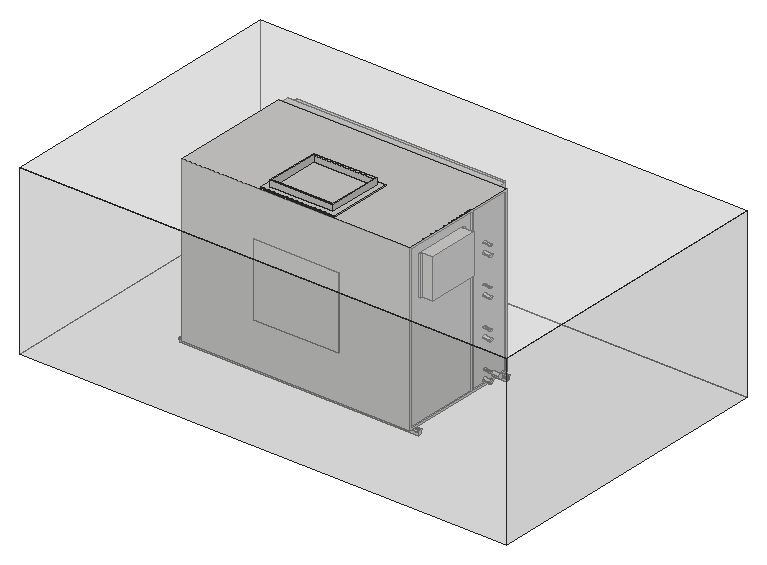
Revit family "outputfile", category 機械設備, Revit 2024
Family settings
  丸型コネクタ寸法 = 半径を使用
  パーツ タイプ = 標準
  OmniClass 番号 = 23.75.10.24.21.27.27
  OmniClass タイトル = Split System Air Conditioning Units
  作業面ベース = いいえ
  常に垂直 = はい
  ロード時にボイドで切り取り = いいえ
  注釈の向きを維持 = いいえ
  共有 = いいえ
  部屋計算ポイント = はい
Parameters (values of type "4FGN400HYL")
  Description = ""
  書き出し IFC クラス(タイプ) = "IfcUnitaryEquipmentType"
  定義済み IFC タイプ(タイプ) = "AIRCONDITIONINGUNIT"
  Cost = 0
  Type Comments = ""
  Keynote = ""
  Type Image = (empty or 0)
  Assembly Code = ""
  switch_frequency = yes
  lw_power = 1050.5 mm
  lw_frontpanel = 754 mm
  lw_box_front = 991 mm
  lw_box = 117 mm
  lw_SA = 0 mm
  lw_RA = 981 mm
  lw_Pipe = if([400-500], 20 mm, 0 mm)  # 20 mm
  lh_liquidpipe_4 = 152 mm
  lh_liquidpipe_3 = 488 mm
  lh_liquidpipe_2 = 824 mm
  lh_height_SA = 482 mm
  lh_ld_mountinghole_height = 35 mm
  lh_height_RA = 1326 mm
  lh_hangerfixture = 35 mm
  lh_gaspipe_4 = 72 mm
  lh_gaspipe_3 = 408 mm
  lh_gaspipe_2 = 744 mm
  lh_frontpanel_bottom = 429 mm
  lh_frontpanel = 642 mm
  lh_box_top = 95 mm
  lh_box = 351 mm
  lh_SA = 1546 mm
  lh_RA = 788 mm
  ld_void = 680 mm
  ld_frontpanel = 0 mm
  ld_depth_SA = 301 mm
  ld_depth_RA = 130 mm
  ld_box_left = 114 mm
  ld_box = 490 mm
  frontpanel_right = 377 mm
  connector_voltage = Voltage_60Hz  # 380 V
  connector_powerinput = [Power Input (Cooling)]  # 41.580 kW
  connector_phase = Phase_60Hz  # 3
  製造元 = "Daikin"
  モデル = "4FGN400HYL"
  w_pipe = 33 mm
  r_Liquid Pipe Size = Liquid Pipe Size / 2  # 6.35 mm
  r_Gas Pipe Size = Gas Pipe Size / 2  # 12.7 mm
  r_Drain Pipe Size = Drain Pipe Size / 2  # 17.0 mm
  lw_powersupply = lw_power  # 1050.5 mm
  lw_width_RA = 1852 mm
  lw_width_SA = 560 mm
  lh_suctionflange [instance] = 100 mm
  ld_suctionflange [instance] = 190 mm
  ld_powersupply = 359 mm
  Voltage_comment_60Hz = "380"
  Voltage_60Hz = 380 V
  URL = ""
  Sound Power Level_H speed (dB) = 0
  Phase_60Hz = 3
  Minimum External Static Pressure = 0.00 Pa
  Minimum Circuit Amps_60Hz = 0.0 A
  Maximum Fuse Amps_60Hz = 0.0 A
  Maximum External Static Pressure = 250.00 Pa
  Material_Casing = DAIKIN_GalvanizedSteel_Casing_indoorunit
  lw_liquidpipe = 1061 mm
  lw_gaspipe = 1061 mm
  lw_mountinghole_pitch = 2082 mm
  lw_mountinghole = 2122 mm
  lw_drainpipe = 1061 mm
  lh_powersupply = 1040 mm
  lh_liquidpipe = 1160 mm
  lh_gaspipe = 1080 mm
  lh_mountinghole = 5 mm
  lh_drainpipe = 73 mm
  lh_antena = Height - lh_mountinghole + 1 mm  # 1482 mm
  ld_liquidpipe = 302.5 mm
  ld_gaspipe = 302.5 mm
  ld_mountinghole_pitch = 973 mm
  ld_drainpipe = 405.5 mm
  ld_controlbox = 626 mm
  h*** = 0 mm  # constant formula
  d_dischargeflange = 60 mm
  Width = 2022 mm
  Version = "ver.1.0"
  Unit Type = "Duct"
  Unit Mass Weight = 488.00 kg
  Unit Designation [instance] = ""
  Uniclass2015Version = "Products v1.30"
  Uniclass2015Title = "Split coil room air conditioning units"
  Uniclass2015Code = "Pr_70_65_03_86"
  Total Cooling Capacity [instance] = 0.000 kW
  Sound Pressure Level_M speed (dBA) = 0
  Sound Pressure Level_L speed (dBA) = 0
  Sound Pressure Level_H speed (dBA) = 66
  Series = "Package Aircon_Fan Coil Unit"
  Sensible Cooling Capacity [instance] = 0.000 kW
  SA Duct Size Width = 560 mm
  SA Duct Size Height = 482 mm
  Refrigerant Type = "R410A"
  RA Duct Size Width = 1852 mm
  RA Duct Size Height = 1326 mm
  Power Input (Cooling) = 41.580 kW
  Option Accessory 3 [instance] = ""
  Option Accessory 2 [instance] = ""
  Option Accessory 1 [instance] = ""
  Nominal Cooling Capacity = 117.233 kW
  Minimum Airflow = 0.00 m³/h
  Median Airflow = 0.00 m³/h
  Maximum Airflow = 20388.00 m³/h
  Load Classification = HVAC
  Liquid Pipe Size = 12.7 mm
  Link_Nested Family [instance] = ""
  IfcVersion = ""
  IfcExportType = "AIRCONDITIONINGUNIT"
  IfcExportAs = "IfcUnitaryEquipmentType"
  Height = 1486 mm
  Heat Exchanger Type = "Cross Fin Coil"
  Gas Pipe Size = 25.4 mm
  Frequency_60Hz = 60 Hz
  Fan Type = "Sirocco Fan"
  Fan Drive = "-"
  FCU Tag No. [instance] = ""
  Drain Pipe Size = 34.0 mm
  Design Supply Airflow [instance] = 0.00 m³/h
  Design Return Airflow [instance] = 0.00 m³/h
  Design External Static Pressure [instance] = 0.00 Pa
  Depth = 1069 mm
  既定の高さ = 0 mm
  Cooling Entering Wet Bulb Temperature [instance] = 0.00 °C
  Cooling Entering Dry Bulb Temperature [instance] = 0.00 °C
  Cooling Ambient Wet Bulb Temperature [instance] = 0.00 °C
  Cooling Ambient Dry Bulb Temperature [instance] = 0.00 °C
  Clearance visibility [instance] = yes
  Clearance Top = 0 mm
  Clearance Right = 1500 mm
  Clearance Rear = 800 mm
  Clearance Left = 800 mm
  Clearance Front = 800 mm
  Clearance Bottom = 0 mm
  600 = no
  400-500 = yes
Reference planes
  plane 1 "Center (Front/Back)": y = 0
  plane 2: z = 0
  plane 3 "Center (Left/Right)": x = 0
  plane 4 "Back": y = 534.5
  plane 5 "Front": y = -534.5
  plane 6 "Left": x = -1011
  plane 7 "Right": x = 1011
  plane 8 "Top": z = 0
  plane 9 "Bottom": z = -1486
  plane 10: z = -326
  plane 11: z = -406
  plane 12: x = -1041
  plane 13: x = 1041
  plane 14: x = 1061
  plane 15: x = 1061
  plane 16: z = -1481
  plane 17 "Clearance Left": x = -1811
  plane 18 "Clearance Right": x = 2511
  plane 19 "Clearance Rear": y = 1334.5
  plane 20 "Clearance Front": y = -1334.5
  plane 21 "Clearance Bottom": z = -1486
  plane 22: z = -1413
  plane 23 "ld_gas": y = 302.5
  plane 24: y = 302.5
  plane 25: y = -30
  plane 26: y = 405.5
  plane 27: y = 344.5
  plane 28: x = 1061
  plane 29: y = 486.5
  plane 30: y = -486.5
  plane 31: y = -233.5
  plane 32: y = 664.5
  plane 33 "Clearance Top": z = 0
  plane 34: z = -446
  plane 35: y = -175.5
  plane 36 "hangerfixture": z = -1451
  plane 37 "lh_SA": z = 60
  plane 38 "lh_RA": z = -698
  plane 39 "RA_center": x = -30
  plane 40: y = -524.5
  plane 41: y = 155.5
  plane 42: y = 524.5
  plane 43: z = -10
  plane 44: z = -1441
  plane 45: y = 165.5
  plane 46: y = -524.5
  plane 47: y = 155.5
  plane 48: y = 524.5
  plane 49: z = -10
  plane 50: z = -1441
  plane 51: y = 165.5
  plane 52: x = 1011
  plane 53: x = 1108
  plane 54: y = -420.5
  plane 55: y = -400.5
  plane 56: y = 49.5
  plane 57: y = 69.5
  plane 58 "box_bottom": z = -446
  plane 59 "box_top": z = -95
  plane 60: x = -377
  plane 61: x = 377
  plane 62: y = -534.5
  plane 63: y = -535.5
  plane 64 "lw_power": x = 1050.5
  plane 65: z = -662
  plane 66: z = -742
  plane 67: z = -998
  plane 68: z = -1078
  plane 69: x = 991
  plane 70: x = -991
  plane 71: z = -1057
  plane 72: z = -415
  plane 73: z = -1334
  plane 74: z = -1414
  plane 75: x = 991
  plane 76 "v": x = 0
  plane 77: x = 991
  plane 78: x = 1012
Forms (mm)
  Extrusion 1, solid, material "DAIKIN_GalvanizedSteel_Casing_indoorunit" <- "Material_Casing"
    sketch origin (0, -0.8, 0) x (1, 0, 0) y (0, 1, 0)
      loop
        line (-1011, -533.7) -> (1011, -533.7) -> (1011, 535.3) -> (-1011, 535.3) -> (-1011, -533.7)
    from -1451 to 0
  Revolve 2, solid, material "DAIKIN_GalvanizedSteel_Casing_indoorunit" <- "Material_Casing"
    sketch origin (0, 0, -406) x (0, -1, 0) y (1, 0, 0)
      loop
        line (-289.8, 991) -> (-289.8, 1061) -> (-302.5, 1061) -> (-302.5, 991) -> (-289.8, 991)
      axis (-302.5, 991) -> (-302.5, 1061)
    angle from 0 to 360
  Revolve 3, solid, material "DAIKIN_GalvanizedSteel_Casing_indoorunit" <- "Material_Casing"
    sketch origin (0, 0, -326) x (0, -1, 0) y (1, 0, 0)
      loop
        line (-302.5, 991) -> (-302.5, 1061) -> (-308.85, 1061) -> (-308.85, 991) -> (-302.5, 991)
      axis (-302.5, 1061) -> (-302.5, 991)
    angle from 0 to 360
  Extrusion 4, solid, material "DAIKIN_GalvanizedSteel_Casing_indoorunit" <- "Material_Casing"
    sketch origin (0, 0, 0) x (0, 1, 0) y (0, 0, 1)
      loop
        circle (405.5, -1413) r 17
    from 1061 to 991
  Extrusion 5, void
    sketch origin (1011, 0, 0) x (0, 1, 0) y (0, 0, 1)
      loop
        line (-524.5, -10) -> (-524.5, -1441) -> (155.5, -1441) -> (155.5, -10) -> (-524.5, -10)
      loop
        line (524.5, -10) -> (165.5, -10) -> (165.5, -1441) -> (524.5, -1441) -> (524.5, -10)
    from 0 to -20
  Extrusion 6, void
    sketch origin (-1011, 0, 0) x (0, 1, 0) y (0, 0, 1)
      loop
        line (-524.5, -10) -> (-524.5, -1441) -> (155.5, -1441) -> (155.5, -10) -> (-524.5, -10)
      loop
        line (524.5, -10) -> (165.5, -10) -> (165.5, -1441) -> (524.5, -1441) -> (524.5, -10)
    from 0 to 20
  Extrusion 7, solid, material "DAIKIN_GalvanizedSteel_Casing_indoorunit" <- "Material_Casing"
    sketch origin (0, 0, 0) x (1, 0, 0) y (0, 1, 0)
      loop
        line (991, -420.5) -> (1011, -420.5) -> (1011, -400.5) -> (1108, -400.5) -> (1108, 49.5) -> (1011, 49.5) -> (1011, 69.5) -> (991, 69.5) -> (991, -420.5)
    from -446 to -95
  Extrusion 8, solid, material "DAIKIN_GalvanizedSteel_Casing_indoorunit" <- "Material_Casing"
    sketch origin (0, 0, -1486) x (-1, 0, 0) y (0, -1, 0)
      loop
        line (377, 535.5) -> (-377, 535.5) -> (-377, 534.5) -> (377, 534.5) -> (377, 535.5)
    from 429 to 1071
  Revolve 9, solid, material "DAIKIN_GalvanizedSteel_Casing_indoorunit" <- "Material_Casing"
    sketch origin (0, 0, -742) x (0, -1, 0) y (1, 0, 0)
      loop
        line (-289.8, 991) -> (-289.8, 1061) -> (-302.5, 1061) -> (-302.5, 991) -> (-289.8, 991)
      axis (-302.5, 991) -> (-302.5, 1061)
    angle from 0 to 360
  Revolve 10, solid, material "DAIKIN_GalvanizedSteel_Casing_indoorunit" <- "Material_Casing"
    sketch origin (0, 0, -662) x (0, -1, 0) y (1, 0, 0)
      loop
        line (-302.5, 991) -> (-302.5, 1061) -> (-308.85, 1061) -> (-308.85, 991) -> (-302.5, 991)
      axis (-302.5, 1061) -> (-302.5, 991)
    angle from 0 to 360
  Revolve 11, solid, material "DAIKIN_GalvanizedSteel_Casing_indoorunit" <- "Material_Casing"
    sketch origin (0, 0, -1078) x (0, -1, 0) y (1, 0, 0)
      loop
        line (-289.8, 991) -> (-289.8, 1061) -> (-302.5, 1061) -> (-302.5, 991) -> (-289.8, 991)
      axis (-302.5, 991) -> (-302.5, 1061)
    angle from 0 to 360
  Revolve 12, solid, material "DAIKIN_GalvanizedSteel_Casing_indoorunit" <- "Material_Casing"
    sketch origin (0, 0, -998) x (0, -1, 0) y (1, 0, 0)
      loop
        line (-302.5, 991) -> (-302.5, 1061) -> (-308.85, 1061) -> (-308.85, 991) -> (-302.5, 991)
      axis (-302.5, 1061) -> (-302.5, 991)
    angle from 0 to 360
  Revolve 13, solid, material "DAIKIN_GalvanizedSteel_Casing_indoorunit" <- "Material_Casing"
    sketch origin (0, 0, -1414) x (0, -1, 0) y (1, 0, 0)
      loop
        line (-289.8, 991) -> (-289.8, 1061) -> (-302.5, 1061) -> (-302.5, 991) -> (-289.8, 991)
      axis (-302.5, 991) -> (-302.5, 1061)
    angle from 0 to 360
  Revolve 14, solid, material "DAIKIN_GalvanizedSteel_Casing_indoorunit" <- "Material_Casing"
    sketch origin (0, 25, -1334) x (0, -1, 0) y (1, 0, 0)
      loop
        line (-277.5, 991) -> (-277.5, 1061) -> (-283.85, 1061) -> (-283.85, 991) -> (-277.5, 991)
      axis (-277.5, 1061) -> (-277.5, 991)
    angle from 0 to 360
  Extrusion 15, solid, material "DAIKIN_GalvanizedSteel_Casing_indoorunit" <- "Material_Casing", visible <- "600"
    sketch origin (0, 0, 0) x (0, 1, 0) y (0, 0, 1)
      loop
        line (18, -1431) -> (18, -20) -> (-2, -20) -> (-2, -1431) -> (18, -1431)
    from 1011 to 1012
  Extrusion 16, solid, material "DAIKIN_GalvanizedSteel_Casing_indoorunit" <- "Material_Casing", visible <- "600"
    sketch origin (0, 0, 0) x (0, 1, 0) y (0, 0, 1)
      loop
        line (-509.5, -600) -> (-25, -600) -> (-25, -577.7) -> (-509.5, -577.7) -> (-509.5, -600)
    from 1011 to 1012
Cuts and joins
  Extrusion 5, Extrusion 6 cuts Extrusion 1
  Extrusion 6 cuts Revolve 2
  Extrusion 6 cuts Revolve 3
  Extrusion 6 cuts Extrusion 4
Dimensions and locks
  equal spacing: plane 12, plane 3 "Center (Left/Right)", plane 13
  "lw_mountinghole_pitch": plane 12 to plane 13
  "lh_liquidpipe": plane 10 to plane 9 "Bottom"
  "lh_gaspipe": plane 11 to plane 9 "Bottom"
  equal spacing: plane 6 "Left", plane 3 "Center (Left/Right)", plane 7 "Right"
  "Width": plane 6 "Left" to plane 7 "Right"
  "Clearance Right": plane 7 "Right" to plane 18 "Clearance Right"
  "Clearance Left": plane 17 "Clearance Left" to plane 6 "Left"
  "Clearance Rear": plane 19 "Clearance Rear" to plane 4 "Back"
  "Clearance Front": plane 5 "Front" to plane 20 "Clearance Front"
  "Depth": plane 4 "Back" to plane 5 "Front"
  equal spacing: plane 4 "Back", plane 1 "Center (Front/Back)", plane 5 "Front"
  "ld_suctionflange": plane 4 "Back" to plane 27
  "r_Liquid Pipe Size": nested 5 to Revolve 3 sketch curve
  equal spacing: plane 29, plane 1 "Center (Front/Back)", plane 30
  "ld_mountinghole_pitch": plane 29 to plane 30
  "lw_liquidpipe": plane 3 "Center (Left/Right)" to plane 14
  "lw_gaspipe": plane 3 "Center (Left/Right)" to plane 15
  "lw_drainpipe": plane 3 "Center (Left/Right)" to plane 28
  "lh_drainpipe": plane 22 to plane 9 "Bottom"
  "Clearance Top": plane 33 "Clearance Top" to plane 8 "Top"
  "Clearance Bottom": plane 9 "Bottom" to plane 21 "Clearance Bottom"
  "lh_powersupply": plane 34 to plane 9 "Bottom"
  plane 8 "Top" to level = 0 mm
  "lh_hangerfixture": plane 36 "hangerfixture" to plane 9 "Bottom"
  "lh_SA": plane 37 "lh_SA" to plane 9 "Bottom"
  "ld_depth_RA": plane 32 to plane 4 "Back"
  "lh_RA": plane 38 "lh_RA" to plane 9 "Bottom"
  "lw_RA": plane 6 "Left" to plane 39 "RA_center"
  locked: plane 36 "hangerfixture" to plane 44 at 10
  plane 5 "Front" to plane 40 = 10 mm
  locked: plane 8 "Top" to plane 43 at 10
  plane 42 to plane 4 "Back" = 10 mm
  "ld_void": plane 40 to plane 41
  "ld_void": plane 46 to plane 47
  plane 5 "Front" to plane 46 = 10 mm
  plane 48 to plane 4 "Back" = 10 mm
  locked: plane 8 "Top" to plane 49 at 10
  locked: plane 50 to plane 36 "hangerfixture" at 10
  "ld_box_left": plane 54 to plane 5 "Front"
  "ld_box": plane 57 to plane 54
  locked: plane 55 to plane 54 at 20
  locked: plane 57 to plane 56 at 20
  locked: plane 75 to plane 52 at 20
  "lh_box_top": plane 8 "Top" to plane 59 "box_top"
  "lh_box": plane 59 "box_top" to plane 58 "box_bottom"
  "lw_power": plane 3 "Center (Left/Right)" to plane 64 "lw_power"
  "lh_gaspipe_2": plane 66 to plane 9 "Bottom"
  "lh_liquidpipe_2": plane 65 to plane 9 "Bottom"
  "ld_drainpipe": plane 26 to plane 1 "Center (Front/Back)"
  "ld_gaspipe": plane 23 "ld_gas" to plane 1 "Center (Front/Back)"
  "r_Gas Pipe Size": plane 23 "ld_gas" to Revolve 9 sketch curve
  "r_Gas Pipe Size": plane 23 "ld_gas" to Revolve 2 sketch curve
  "r_Liquid Pipe Size": Revolve 10 sketch curve to plane 24
  "ld_liquidpipe": plane 24 to plane 1 "Center (Front/Back)"
  "ld_depth_SA": plane 31 to plane 5 "Front"
  "Height": plane 8 "Top" to plane 9 "Bottom"
  "lh_mountinghole": plane 16 to plane 9 "Bottom"
  "lh_gaspipe_3": plane 68 to plane 9 "Bottom"
  "lh_liquidpipe_3": plane 67 to plane 9 "Bottom"
  "lw_box": plane 75 to plane 53
  "lw_Pipe": plane 69 to plane 7 "Right"
  locked: plane 6 "Left" to plane 70 at 20
  "lh_frontpanel_bottom": plane 71 to plane 9 "Bottom"
  "lh_frontpanel": plane 72 to plane 71
  "r_Gas Pipe Size": plane 24 to Revolve 11 sketch curve
  "r_Liquid Pipe Size": Revolve 12 sketch curve to plane 24
  "lw_frontpanel": plane 60 to plane 61
  plane 5 "Front" to plane 63 = 1 mm
  "ld_frontpanel": plane 5 "Front" to plane 62
  locked: plane 41 to plane 45 at 10
  locked: plane 47 to plane 51 at 10
  "lh_gaspipe_4": plane 74 to plane 9 "Bottom"
  "lh_liquidpipe_4": plane 73 to plane 9 "Bottom"
  "r_Gas Pipe Size": Revolve 13 sketch curve to nested 15
  "r_Liquid Pipe Size": nested 5 to Revolve 14 sketch curve
  "lw_box_front": plane 3 "Center (Left/Right)" to plane 75
  "lw_SA": plane 76 "v" to plane 3 "Center (Left/Right)"
  locked: plane 77 to plane 7 "Right" at 20
  "ld_powersupply": plane 35 to plane 5 "Front"
  plane 60 to plane 3 "Center (Left/Right)" = 377 mm
  "frontpanel_right": plane 3 "Center (Left/Right)" to plane 61
  locked: plane 8 "Top" to Extrusion 15 sketch curve at 20
  locked: Extrusion 15 sketch curve to plane 9 "Bottom" at 55
  Extrusion 15 sketch curve to plane 1 "Center (Front/Back)" to Extrusion 15 sketch curve = 2 mm locked, 18 mm locked
  locked: plane 7 "Right" to plane 78 at 1
  locked: Extrusion 16 sketch curve to plane 1 "Center (Front/Back)" at 25
  locked: plane 5 "Front" to Extrusion 16 sketch curve at 25
  locked: Extrusion 16 sketch curve to Extrusion 16 sketch curve at 22.3
  locked: plane 9 "Bottom" to Extrusion 16 sketch curve at 886
  "r_Drain Pipe Size": radius of Extrusion 4 sketch curve
  aligned and locked: level to plane 2
  aligned and locked: plane 8 "Top" to Extrusion 1
  aligned and locked: Revolve 2 sketch curve to Revolve 2 sketch curve
  aligned and locked: plane 14 to nested 5
  aligned and locked: nested 5 to plane 10
  aligned and locked: plane 13 to nested 2
  aligned and locked: plane 12 to nested 3
  aligned and locked: plane 12 to nested 4
  aligned and locked: nested 6 to plane 11
  aligned and locked: plane 23 "ld_gas" to nested 6
  aligned and locked: plane 24 to nested 5
  aligned and locked: Extrusion 4 sketch curve to plane 26
  aligned and locked: nested 10 to plane 19 "Clearance Rear"
  aligned and locked: nested 10 to plane 18 "Clearance Right"
  aligned and locked: nested 10 to plane 17 "Clearance Left"
  aligned and locked: nested 10 to plane 20 "Clearance Front"
  aligned and locked: plane 28 to Extrusion 4
  aligned and locked: plane 15 to nested 6  (x2)
  aligned and locked: plane 13 to nested 1
  aligned and locked: plane 26 to nested 7
  aligned and locked: nested 7 to plane 22
  aligned and locked: nested 7 to plane 28
  aligned and locked: plane 29 to nested 1
  aligned and locked: plane 30 to nested 2
  aligned and locked: nested 4 to plane 29
  aligned and locked: nested 3 to plane 30
  aligned and locked: nested 9 to plane 4 "Back"
  aligned and locked: plane 32 to nested 13
  aligned and locked: nested 10 to plane 33 "Clearance Top"
  aligned and locked: nested 10 to plane 21 "Clearance Bottom"
  aligned and locked: nested 11 to plane 9 "Bottom"
  aligned and locked: plane 36 "hangerfixture" to Extrusion 1
  aligned and locked: Extrusion 1 to plane 5 "Front"
  aligned and locked: Extrusion 1 to plane 4 "Back"
  aligned and locked: plane 38 "lh_RA" to nested 9
  aligned and locked: nested 13 to plane 38 "lh_RA"
  aligned and locked: plane 39 "RA_center" to nested 9
  aligned and locked: nested 13 to plane 39 "RA_center"
  aligned and locked: Extrusion 5 sketch curve to plane 43
  aligned and locked: Extrusion 5 sketch curve to plane 40
  aligned and locked: plane 44 to Extrusion 5 sketch curve
  aligned and locked: Extrusion 5 sketch curve to plane 41
  aligned and locked: plane 43 to Extrusion 5 sketch curve
  aligned and locked: Extrusion 5 sketch curve to plane 42
  aligned and locked: Extrusion 5 sketch curve to plane 44
  aligned and locked: Extrusion 5 sketch curve to plane 45
  aligned and locked: Extrusion 6 sketch curve to plane 49
  aligned and locked: Extrusion 6 sketch curve to plane 46
  aligned and locked: plane 50 to Extrusion 6 sketch curve
  aligned and locked: Extrusion 6 sketch curve to plane 47
  aligned and locked: plane 49 to Extrusion 6 sketch curve
  aligned and locked: Extrusion 6 sketch curve to plane 48
  aligned and locked: Extrusion 6 sketch curve to plane 50
  aligned and locked: Extrusion 6 sketch curve to plane 51
  aligned and locked: plane 57 to Extrusion 7 sketch curve
  aligned and locked: plane 53 to Extrusion 7 sketch curve
  aligned and locked: Extrusion 7 sketch curve to plane 54
  aligned and locked: plane 59 "box_top" to Extrusion 7
  aligned and locked: Extrusion 7 to plane 58 "box_bottom"
  aligned and locked: Extrusion 8 sketch curve to plane 63
  aligned and locked: Extrusion 8 sketch curve to plane 60
  aligned and locked: plane 62 to Extrusion 8 sketch curve
  aligned and locked: plane 61 to Extrusion 8 sketch curve
  aligned and locked: Revolve 9 sketch curve to Revolve 9 sketch curve
  aligned and locked: nested 15 to plane 65
  aligned and locked: nested 16 to plane 66
  aligned and locked: plane 14 to Revolve 10
  aligned and locked: nested 15 to plane 14
  aligned and locked: plane 15 to cut or joined group of Revolve 2, Extrusion 6  (x3)
  aligned and locked: cut or joined group of Revolve 2, Extrusion 6 to plane 15
  aligned and locked: nested 14 to plane 35
  aligned and locked: Revolve 2 sketch curve to plane 23 "ld_gas"
  aligned and locked: plane 23 "ld_gas" to nested 16
  aligned and locked: plane 24 to nested 15
  aligned and locked: plane 37 "lh_SA" to nested 12
  aligned and locked: plane 37 "lh_SA" to nested 8
  aligned and locked: plane 31 to nested 12
  aligned and locked: plane 31 to nested 8
  aligned and locked: plane 52 to Extrusion 7 sketch curve
  aligned and locked: Extrusion 7 sketch curve to plane 55
  aligned and locked: Extrusion 7 sketch curve to plane 56
  aligned and locked: Extrusion 7 sketch curve to plane 52
  aligned and locked: nested 14 to plane 64 "lw_power"
  aligned and locked: nested 14 to plane 34
  aligned and locked: Revolve 11 sketch curve to Revolve 11 sketch curve
  aligned and locked: nested 17 to plane 67
  aligned and locked: nested 18 to plane 68
  aligned and locked: plane 24 to nested 17
  aligned and locked: plane 23 "ld_gas" to nested 18
  aligned and locked: Extrusion 8 to plane 71
  aligned and locked: plane 72 to Extrusion 8
  aligned and locked: Revolve 13 sketch curve to Revolve 13 sketch curve
  aligned and locked: nested 19 to plane 73
  aligned and locked: nested 20 to plane 74
  aligned and locked: plane 69 to Revolve 14
  aligned and locked: Revolve 13 to plane 69
  aligned and locked: Revolve 14 sketch curve to nested 18
  aligned and locked: Revolve 14 sketch curve to nested 5
  aligned and locked: plane 24 to nested 19
  aligned and locked: plane 24 to nested 20
  aligned and locked: Extrusion 7 sketch curve to plane 75
  aligned and locked: plane 1 "Center (Front/Back)" to nested 21
  aligned and locked: plane 3 "Center (Left/Right)" to nested 21
  aligned and locked: nested 21 to plane 9 "Bottom"
  aligned and locked: plane 76 "v" to nested 12
  aligned and locked: nested 12 to nested 8
  aligned and locked: Extrusion 5 to plane 77
  aligned and locked: plane 69 to Revolve 11
  aligned and locked: cut or joined group of Revolve 3, Extrusion 6 to plane 69
  aligned and locked: plane 69 to cut or joined group of Revolve 2, Extrusion 6
  aligned and locked: plane 69 to Revolve 9
  aligned and locked: Revolve 12 to plane 69
  aligned and locked: Revolve 10 to plane 69
  aligned and locked: cut or joined group of Extrusion 4, Extrusion 6 to plane 69
  aligned and locked: Extrusion 15 to plane 7 "Right"
  aligned and locked: plane 78 to Extrusion 15
  aligned and locked: Extrusion 16 to plane 7 "Right"
  aligned and locked: Extrusion 16 to plane 78
Automatic sketch dimensions
  Extrusion 1 sketch curve to plane 4 "Back" = 0 mm
  Extrusion 1 sketch curve to plane 6 "Left" = 0 mm
  Extrusion 1 sketch curve to plane 5 "Front" = 0 mm
  Extrusion 1 sketch curve to plane 7 "Right" = 0 mm
  Revolve 3 sketch curve to plane 23 "ld_gas" = 0 mm  (x2)
  Revolve 3 sketch curve to plane 14 = 0 mm  (x2)
  plane 69 to Revolve 3 sketch curve = 0 mm
  plane 7 "Right" to Revolve 3 sketch curve = 15 mm
  Extrusion 4 sketch curve to plane 22 = 0 mm
  Revolve 10 sketch curve to plane 23 "ld_gas" = 0 mm  (x2)
  Revolve 10 sketch curve to plane 14 = 0 mm  (x2)
  plane 69 to Revolve 10 sketch curve = 0 mm
  plane 7 "Right" to Revolve 10 sketch curve = 15 mm
  Revolve 12 sketch curve to plane 23 "ld_gas" = 0 mm  (x2)
  Revolve 12 sketch curve to plane 14 = 0 mm  (x2)
  plane 69 to Revolve 12 sketch curve = 0 mm
  plane 7 "Right" to Revolve 12 sketch curve = 15 mm
  plane 69 to Revolve 14 sketch curve = 0 mm
  Revolve 14 sketch curve to plane 14 = 0 mm  (x2)
  plane 7 "Right" to Revolve 14 sketch curve = 15 mm
  Revolve 2 sketch curve to plane 69 = 0 mm
  Revolve 2 sketch curve to plane 14 = 0 mm
  plane 78 to Revolve 2 sketch curve = 1.003 mm
  plane 14 to Revolve 2 sketch curve = 1.003 mm
  Revolve 9 sketch curve to plane 23 "ld_gas" = 0 mm
  Revolve 9 sketch curve to plane 69 = 0 mm
  Revolve 9 sketch curve to plane 14 = 0 mm
  plane 78 to Revolve 9 sketch curve = 1.003 mm
  plane 14 to Revolve 9 sketch curve = 1.003 mm
  Revolve 11 sketch curve to plane 23 "ld_gas" = 0 mm
  Revolve 11 sketch curve to plane 69 = 0 mm
  Revolve 11 sketch curve to plane 14 = 0 mm
  plane 78 to Revolve 11 sketch curve = 1.003 mm
  plane 14 to Revolve 11 sketch curve = 1.003 mm
  Revolve 13 sketch curve to plane 23 "ld_gas" = 0 mm
  Revolve 13 sketch curve to plane 69 = 0 mm
  Revolve 13 sketch curve to plane 14 = 0 mm
  plane 78 to Revolve 13 sketch curve = 1.003 mm
  plane 14 to Revolve 13 sketch curve = 1.003 mm
Nested families
  nested 1: "daikin_mountinghole" at (1041, 486.5, -1486), Link_Nested Family <- "Link_Nested Family", h_mountinghole <- "lh_mountinghole", l_antenna <- "lh_antena", type "daikin_mountinghole"
    with show yes, l_antenna 1482 mm, h_mountinghole 5 mm, Link_Nested Family "", d_circle 23 mm
  nested 2: "daikin_mountinghole" at (1041, -486.5, -1486), Link_Nested Family <- "Link_Nested Family", h_mountinghole <- "lh_mountinghole", l_antenna <- "lh_antena", type "daikin_mountinghole"
    with show yes, l_antenna 1482 mm, h_mountinghole 5 mm, Link_Nested Family "", d_circle 23 mm
  nested 3: "daikin_mountinghole" at (-1041, -486.5, -1486), Link_Nested Family <- "Link_Nested Family", h_mountinghole <- "lh_mountinghole", l_antenna <- "lh_antena", type "daikin_mountinghole"
    with show yes, l_antenna 1482 mm, h_mountinghole 5 mm, Link_Nested Family "", d_circle 23 mm
  nested 4: "daikin_mountinghole" at (-1041, 486.5, -1486), Link_Nested Family <- "Link_Nested Family", h_mountinghole <- "lh_mountinghole", l_antenna <- "lh_antena", type "daikin_mountinghole"
    with show yes, l_antenna 1482 mm, h_mountinghole 5 mm, Link_Nested Family "", d_circle 23 mm
  nested 5: "daikin_connector_rotate2" at (0, 302.5, -326) x (0, 1, 0) z (0, 0, 1), length <- "lw_liquidpipe", built-in parameter 1001364 <- "lh_liquidpipe", radius <- "r_Liquid Pipe Size", type "daikin_connector_rotate2"
    with radius 6.35 mm, length 1061 mm, angle_vertical 90.00°
  nested 6: "daikin_connector_rotate2" at (0, 302.5, -406) x (0, 1, 0) z (0, 0, 1), length <- "lw_gaspipe", built-in parameter 1001364 <- "lh_gaspipe", radius <- "r_Gas Pipe Size", type "daikin_connector_rotate2"
    with radius 12.7 mm, length 1061 mm, angle_vertical 90.00°
  nested 7: "daikin_connector_rotate2" at (0, 405.5, -1413) x (0, 1, 0) z (0, 0, 1), built-in parameter 1001364 <- "lh_drainpipe", length <- "lw_drainpipe", radius <- "r_Drain Pipe Size", type "daikin_connector_rotate2"
    with radius 17 mm, length 1061 mm, angle_vertical 90.00°
  nested 8: "daikin_connector_rotate2" at (0, -233.5, 0) x (1, 0, 0) z (0, 1, 0), length <- "d_dischargeflange", type "daikin_connector_rotate2"
    with radius 10 mm, length 60 mm, angle_vertical 90.00°
  nested 9: "daikin_ductflange_4FGN-HYL" at (-30, 534.5, -698), material <- "Material_Casing", width <- "lw_width_RA", height <- "lh_height_RA", depth <- "ld_depth_RA", type "daikin_ductflange_4FGN-HYL"
    with x 35 mm, width 1852 mm, material DAIKIN_GalvanizedSteel_Casing_indoorunit, height 1326 mm, depth 130 mm
  nested 10: "daikin_clearancespace" at (350, 0, -742.881), visible <- "Clearance visibility", show <- "Clearance visibility", Link_Nested Family <- "Link_Nested Family", type "daikin_clearancespace"
    with width 4322 mm, show yes, height 1486 mm, depth 2669 mm, Link_Nested Family ""
  nested 11: "daikin_hangerfixture_4FGN-HYL" at (0, 0, -1486), visible <- "400-500", type "daikin_hangerfixture_4FGN-HYL"
    with width 2082 mm, depth 973 mm, G 2122 mm
  nested 12: "daikin_ductflange_4FGN-HYL_1" at (0, -422.901, 0) x (1, 0, 0) z (0, 1, 0), width <- "lw_width_SA", material <- "Material_Casing", height <- "lh_height_SA", depth <- "d_dischargeflange", type "daikin_ductflange_4FGN-HYL_1"
    with width 560 mm, t 10 mm, material DAIKIN_GalvanizedSteel_Casing_indoorunit, height 482 mm, depth 60 mm
  nested 13: "daikin_connector_rotate2" at (-30, 534.5, -698) x (-1, 0, 0) z (0, 0, 1), length <- "ld_depth_RA", type "daikin_connector_rotate2"
    with radius 10 mm, length 130 mm, angle_vertical 90.00°
  nested 14: "daikin_connector_rotate2" at (1050.5, -175.5, -95) x (0, 1, 0) z (1, 0, 0), length <- "lh_box", type "daikin_connector_rotate2"
    with radius 10 mm, length 351 mm, angle_vertical 90.00°
  nested 15: "daikin_connector_rotate2" at (0, 302.5, -662) x (0, 1, 0) z (0, 0, 1), length <- "lw_liquidpipe", built-in parameter 1001364 <- "lh_liquidpipe", radius <- "r_Liquid Pipe Size", type "daikin_connector_rotate2"
    with radius 6.35 mm, length 1061 mm, angle_vertical 90.00°
  nested 16: "daikin_connector_rotate2" at (0, 302.5, -742) x (0, 1, 0) z (0, 0, 1), length <- "lw_gaspipe", built-in parameter 1001364 <- "lh_gaspipe", radius <- "r_Gas Pipe Size", type "daikin_connector_rotate2"
    with radius 12.7 mm, length 1061 mm, angle_vertical 90.00°
  nested 17: "daikin_connector_rotate2" at (0, 302.5, -998) x (0, 1, 0) z (0, 0, 1), length <- "lw_liquidpipe", built-in parameter 1001364 <- "lh_liquidpipe", radius <- "r_Liquid Pipe Size", type "daikin_connector_rotate2"
    with radius 6.35 mm, length 1061 mm, angle_vertical 90.00°
  nested 18: "daikin_connector_rotate2" at (0, 302.5, -1078) x (0, 1, 0) z (0, 0, 1), length <- "lw_gaspipe", built-in parameter 1001364 <- "lh_gaspipe", radius <- "r_Gas Pipe Size", type "daikin_connector_rotate2"
    with radius 12.7 mm, length 1061 mm, angle_vertical 90.00°
  nested 19: "daikin_connector_rotate2" at (0, 302.5, -1334) x (0, 1, 0) z (0, 0, 1), length <- "lw_liquidpipe", built-in parameter 1001364 <- "lh_liquidpipe", radius <- "r_Liquid Pipe Size", type "daikin_connector_rotate2"
    with radius 6.35 mm, length 1061 mm, angle_vertical 90.00°
  nested 20: "daikin_connector_rotate2" at (0, 302.5, -1414) x (0, 1, 0) z (0, 0, 1), length <- "lw_gaspipe", built-in parameter 1001364 <- "lh_gaspipe", radius <- "r_Gas Pipe Size", type "daikin_connector_rotate2"
    with radius 12.7 mm, length 1061 mm, angle_vertical 90.00°
  nested 21: "daikin_hangerfixture_4FGN-HYL_2" at (0, 0, -1486), visible <- "600", type "daikin_hangerfixture_4FGN-HYL"
    with width 2082 mm, depth 973 mm, G 2122 mm
Connectors
  piping at (1061, 302.5, -406), diameter 25.4, driven by "r_Gas Pipe Size"
    settings: on nested 6, index 1, connector inside diameter 609.6 mm, connector length 0 mm, flow factor 0, pipe flow 0.00 m³/h, pressure drop 0.0 Pa, fitting loss kfactor 0, connector angle 0.00°, fixture units 0, engagement length 0 mm, angle of deflection 0.00°, flow configuration 1, flow direction 2, fitting loss method 0, system type 29, joint type 0, gender type 0, connector reference index -1, connector utility 0, adjustable connector no, is connector primary yes, connector description "Refrigerant Gas Piping"
  piping at (1061, 302.5, -326), diameter 12.7, driven by "r_Liquid Pipe Size"
    settings: on nested 5, index 2, connector inside diameter 609.6 mm, connector length 0 mm, flow factor 0, pipe flow 0.00 m³/h, pressure drop 0.0 Pa, fitting loss kfactor 0, connector angle 0.00°, fixture units 0, engagement length 0 mm, angle of deflection 0.00°, flow configuration 1, flow direction 1, fitting loss method 0, system type 29, joint type 0, gender type 0, connector reference index -1, connector utility 0, adjustable connector no, is connector primary no, connector description "Refrigerant Liquid Piping"
  piping at (1061, 405.5, -1413), diameter 34, driven by "r_Drain Pipe Size"
    settings: on nested 7, index 3, connector inside diameter 609.6 mm, connector length 0 mm, flow factor 0, pipe flow 0.00 m³/h, pressure drop 0.0 Pa, fitting loss kfactor 0, connector angle 0.00°, fixture units 0, engagement length 0 mm, angle of deflection 0.00°, flow configuration 1, flow direction 2, fitting loss method 4, system type 16, joint type 0, gender type 0, connector reference index -1, connector utility 0, adjustable connector no, is connector primary no, connector description "Condensate Drain Piping"
  hvac at (0, -233.5, 60), driven by "SA Duct Size Height", driven by "SA Duct Size Width"
    settings: on nested 8, index 7, duct flow 0.00 m³/h, flow factor 0, pres drop 0.00 Pa, loss coef 0, conn angle 0.00°, conn width 560.0 mm, conn height 482.0 mm, conn diameter 609.6 mm, duct sys type 1, conn prof type 1, flow config 0, flow direction 2, loss method 4, conn ref index -1, conn util no, is conn primary yes, conn desc "SA Duct"
  hvac at (-30, 664.5, -698), driven by "RA Duct Size Width", driven by "RA Duct Size Height"
    settings: on nested 13, index 8, duct flow 0.00 m³/h, flow factor 0, pres drop 0.00 Pa, loss coef 0, conn angle 0.00°, conn width 1852.0 mm, conn height 1326.0 mm, conn diameter 609.6 mm, duct sys type 2, conn prof type 1, flow config 0, flow direction 1, loss method 4, conn ref index -1, conn util no, is conn primary no, conn desc "RA Duct"
  electrical at (1050.5, -175.5, -446), driven by "Load Classification", driven by "connector_phase", driven by "connector_powerinput", driven by "connector_voltage"
    settings: on nested 14, index 9, voltage 380 V, apparent load 41580 VA, apparent load phase1 0 VA, apparent load phase2 0 VA, apparent load phase3 0 VA, power factor 1, load classification "HVAC", number of poles 3, system type 30, power factor state 1, is connector primary yes, connector utility no, sub classification motor no, connector description "Power Supply"
  piping at (1061, 302.5, -742), diameter 25.4, driven by "r_Gas Pipe Size"
    settings: on nested 16, index 10, connector inside diameter 609.6 mm, connector length 0 mm, flow factor 0, pipe flow 0.00 m³/h, pressure drop 0.0 Pa, fitting loss kfactor 0, connector angle 0.00°, fixture units 0, engagement length 0 mm, angle of deflection 0.00°, flow configuration 1, flow direction 2, fitting loss method 0, system type 29, joint type 0, gender type 0, connector reference index -1, connector utility 0, adjustable connector no, is connector primary no, connector description "Refrigerant Gas Piping"
  piping at (1061, 302.5, -662), diameter 12.7, driven by "r_Liquid Pipe Size"
    settings: on nested 15, index 11, connector inside diameter 609.6 mm, connector length 0 mm, flow factor 0, pipe flow 0.00 m³/h, pressure drop 0.0 Pa, fitting loss kfactor 0, connector angle 0.00°, fixture units 0, engagement length 0 mm, angle of deflection 0.00°, flow configuration 1, flow direction 1, fitting loss method 0, system type 29, joint type 0, gender type 0, connector reference index -1, connector utility 0, adjustable connector no, is connector primary no, connector description "Refrigerant Liquid Piping"
  piping at (1061, 302.5, -1078), diameter 25.4, driven by "r_Gas Pipe Size"
    settings: on nested 18, index 12, connector inside diameter 609.6 mm, connector length 0 mm, flow factor 0, pipe flow 0.00 m³/h, pressure drop 0.0 Pa, fitting loss kfactor 0, connector angle 0.00°, fixture units 0, engagement length 0 mm, angle of deflection 0.00°, flow configuration 1, flow direction 2, fitting loss method 0, system type 29, joint type 0, gender type 0, connector reference index -1, connector utility 0, adjustable connector no, is connector primary no, connector description "Refrigerant Gas Piping"
  piping at (1061, 302.5, -998), diameter 12.7, driven by "r_Liquid Pipe Size"
    settings: on nested 17, index 13, connector inside diameter 609.6 mm, connector length 0 mm, flow factor 0, pipe flow 0.00 m³/h, pressure drop 0.0 Pa, fitting loss kfactor 0, connector angle 0.00°, fixture units 0, engagement length 0 mm, angle of deflection 0.00°, flow configuration 1, flow direction 1, fitting loss method 0, system type 29, joint type 0, gender type 0, connector reference index -1, connector utility 0, adjustable connector no, is connector primary no, connector description "Refrigerant Liquid Piping"
  piping at (1061, 302.5, -1414), diameter 25.4, driven by "r_Gas Pipe Size"
    settings: on nested 20, index 14, connector inside diameter 609.6 mm, connector length 0 mm, flow factor 0, pipe flow 0.00 m³/h, pressure drop 0.0 Pa, fitting loss kfactor 0, connector angle 0.00°, fixture units 0, engagement length 0 mm, angle of deflection 0.00°, flow configuration 1, flow direction 2, fitting loss method 0, system type 29, joint type 0, gender type 0, connector reference index -1, connector utility 0, adjustable connector no, is connector primary no, connector description "Refrigerant Gas Piping"
  piping at (1061, 302.5, -1334), diameter 12.7, driven by "r_Liquid Pipe Size"
    settings: on nested 19, index 15, connector inside diameter 609.6 mm, connector length 0 mm, flow factor 0, pipe flow 0.00 m³/h, pressure drop 0.0 Pa, fitting loss kfactor 0, connector angle 0.00°, fixture units 0, engagement length 0 mm, angle of deflection 0.00°, flow configuration 1, flow direction 1, fitting loss method 0, system type 29, joint type 0, gender type 0, connector reference index -1, connector utility 0, adjustable connector no, is connector primary no, connector description "Refrigerant Liquid Piping"
Definition of nested family "daikin_ductflange_4FGN-HYL"
  Parameters (values of type "daikin_ductflange_4FGN-HTL")
    x [instance] = if([400-500], 35 mm, 18.5 mm)  # 35 mm
    width [instance] = 1636 mm
    t1 = if([400-500], 80 mm, 90 mm)  # 80 mm
    material [instance] = none
    height [instance] = 747 mm
    depth [instance] = 130 mm
    b = if([400-500], 6.5 mm, 20 mm)  # 6.5 mm
    a = if([400-500], 20 mm, 18.5 mm)  # 20 mm
    Default Elevation = 0 mm
    600 = no
    400-500 = yes
  Reference planes
    plane 1 "Center (Front/Back)": y = 0
    plane 2: z = 0
    plane 3 "Center (Left/Right)": x = 0
    plane 4: x = -818
    plane 5: x = 818
    plane 6: z = 373.5
    plane 7: z = -373.5
    plane 8: y = 80
    plane 9: y = 130
    plane 10: x = -813
    plane 11: x = 813
    plane 12: z = -368.5
    plane 13: z = 368.5
    plane 14: x = -853
    plane 15: x = 853
    plane 16: z = 393.5
    plane 17: z = -380
  Forms (mm)
    Extrusion 1, solid, material <- "material"
      sketch origin (0, 0, 0) x (1, 0, 0) y (0, 0, 1)
        loop
          line (-853, 393.5) -> (-853, -380) -> (853, -380) -> (853, 393.5) -> (-853, 393.5)
        loop
          line (-813, 368.5) -> (-813, -368.5) -> (813, -368.5) -> (813, 368.5) -> (-813, 368.5)
      from 0 to -80
    Extrusion 2, solid, material <- "material"
      sketch origin (0, 0, 0) x (1, 0, 0) y (0, 0, 1)
        loop
          line (-818, 373.5) -> (-818, -373.5) -> (818, -373.5) -> (818, 373.5) -> (-818, 373.5)
        loop
          line (813, 368.5) -> (-813, 368.5) -> (-813, -368.5) -> (813, -368.5) -> (813, 368.5)
      from -130 to -80
  Cuts and joins
    joined: Extrusion 1, Extrusion 2
  Dimensions and locks
    equal spacing: plane 5, plane 3 "Center (Left/Right)", plane 4
    "width": plane 5 to plane 4
    equal spacing: plane 6, level, plane 7
    "height": plane 6 to plane 7
    "t1": plane 1 "Center (Front/Back)" to plane 8
    "depth": plane 1 "Center (Front/Back)" to plane 9
    plane 6 to plane 13 = 5 mm
    plane 12 to plane 7 = 5 mm
    plane 5 to plane 11 = 5 mm
    plane 10 to plane 4 = 5 mm
    "x": plane 4 to plane 14
    "x": plane 15 to plane 5
    "a": plane 16 to plane 6
    "b": plane 7 to plane 17
    aligned and locked: level to plane 2
    aligned and locked: Extrusion 1 to plane 8
    aligned and locked: plane 1 "Center (Front/Back)" to Extrusion 1
    aligned and locked: Extrusion 2 to plane 9
    aligned and locked: Extrusion 2 to Extrusion 1
    aligned and locked: plane 13 to Extrusion 2 sketch curve
    aligned and locked: plane 11 to Extrusion 2 sketch curve
    aligned and locked: Extrusion 2 sketch curve to plane 12
    aligned and locked: Extrusion 2 sketch curve to plane 10
    aligned and locked: Extrusion 1 sketch curve to plane 16
    aligned and locked: plane 14 to Extrusion 1 sketch curve
    aligned and locked: plane 17 to Extrusion 1 sketch curve
    aligned and locked: Extrusion 1 sketch curve to plane 15
  Automatic sketch dimensions
    Extrusion 2 sketch curve to plane 4 = 0 mm
    Extrusion 2 sketch curve to plane 5 = 0 mm
    Extrusion 2 sketch curve to plane 7 = 0 mm
    Extrusion 2 sketch curve to plane 6 = 0 mm
    plane 4 to Extrusion 1 sketch curve = 5 mm
    Extrusion 1 sketch curve to plane 5 = 5 mm
    plane 7 to Extrusion 1 sketch curve = 5 mm
    Extrusion 1 sketch curve to plane 6 = 5 mm
Definition of nested family "daikin_clearancespace"
  Parameters (values of type "daikin_clearancespace")
    Description = "daikin_clearancespace"
    width [instance] = 1823.963 mm
    show [instance] = yes
    material = none
    height [instance] = 1359.762 mm
    depth [instance] = 880 mm
    Default Elevation = 0 mm
    Link_Nested Family [instance] = ""
  Reference planes
    plane 1 "Center (Front/Back)": y = 0
    plane 2 "Center (Elevation)": z = -0.119
    plane 3 "Center (Left/Right)": x = 0
    plane 4: y = 440
    plane 5: y = -440
    plane 6 "Right": x = 911.982
    plane 7 "Left": x = -911.982
    plane 8 "Top": z = 679.762
    plane 9 "Bottom": z = -680
  Forms (mm)
    Extrusion 1, solid, material <- "material", visible <- "show"
      sketch origin (0, 0, 0) x (1, 0, 0) y (0, 1, 0)
        loop
          line (-911.982, 440) -> (-911.982, -440) -> (911.982, -440) -> (911.982, 440) -> (-911.982, 440)
      from -680 to 679.762
  Lines and regions (mm)
    symbolic lines, visible <- "show"
      curve 1: line (911.982, 440, 0) -> (-911.982, 440, 0)
      curve 2: line (-911.982, 440, 0) -> (-911.982, -440, 0)
      curve 3: line (-911.982, -440, 0) -> (911.982, -440, 0)
      curve 4: line (911.982, -440, 0) -> (911.982, 440, 0)
      curve 5: line (911.982, 0, 679.762) -> (-911.982, 0, 679.762)
      curve 6: line (911.982, 0, -680) -> (911.982, 0, 679.762)
      curve 7: line (-911.982, 0, -680) -> (911.982, 0, -680)
      curve 8: line (-911.982, 0, 679.762) -> (-911.982, 0, -680)
      curve 9: line (0, 440, 679.762) -> (0, -440, 679.762)
      curve 10: line (0, -440, 679.762) -> (0, -440, -680)
      curve 11: line (0, 440, -680) -> (0, 440, 679.762)
      curve 12: line (0, -440, -680) -> (0, 440, -680)
  Dimensions and locks
    "width": plane 7 "Left" to plane 6 "Right"
    "depth": plane 4 to plane 5
    "height": plane 8 "Top" to plane 9 "Bottom"
    equal spacing: plane 7 "Left", plane 3 "Center (Left/Right)", plane 6 "Right"
    equal spacing: plane 4, plane 1 "Center (Front/Back)", plane 5
    equal spacing: plane 8 "Top", plane 2 "Center (Elevation)", plane 9 "Bottom"
    aligned and locked: level to plane 2 "Center (Elevation)"
    aligned and locked: Extrusion 1 sketch curve to plane 4
    aligned and locked: plane 7 "Left" to Extrusion 1 sketch curve
    aligned and locked: Extrusion 1 sketch curve to plane 5
    aligned and locked: Extrusion 1 sketch curve to plane 6 "Right"
    aligned and locked: plane 8 "Top" to Extrusion 1
    aligned and locked: curve 1 to Extrusion 1
    aligned and locked: curve 2 to Extrusion 1
    aligned and locked: curve 3 to Extrusion 1
    aligned and locked: curve 4 to Extrusion 1
    aligned and locked: curve 5 to Extrusion 1
    aligned and locked: curve 6 to Extrusion 1
    aligned and locked: curve 7 to Extrusion 1
    aligned and locked: curve 8 to Extrusion 1
    aligned and locked: curve 9 to Extrusion 1
    aligned and locked: curve 10 to Extrusion 1
    aligned and locked: curve 11 to Extrusion 1
    aligned and locked: curve 12 to Extrusion 1
    aligned and locked: Extrusion 1 to plane 9 "Bottom"
Definition of nested family "daikin_hangerfixture_4FGN-HYL"
  Parameters (values of type "daikin_hangerfixture_2FGN-HTL")
    width = 1826 mm
    material = none
    height = 35 mm
    e = 40 mm
    depth = 974 mm
    Default Elevation = 0 mm
    G = 1866 mm
    E = 50 mm
  Reference planes
    plane 1 "Center (Front/Back)": y = 0
    plane 2: z = 0
    plane 3 "Center (Left/Right)": x = 0
    plane 4: x = 913
    plane 5: x = -913
    plane 6: z = 35
    plane 7: y = 487
    plane 8: y = -487
    plane 9: x = -933
    plane 10: x = 933
    plane 11: y = 527
    plane 12: y = -527
  Forms (mm)
    Extrusion 1, solid
      sketch origin (0, 0, 0) x (0, 1, 0) y (0, 0, 1)
        loop
          line (-499.93, 0) -> (-474.07, 0) -> (-474.07, 30) -> (-463.449, 30) -> (-463.449, 35) -> (-479.07, 35) -> (-479.07, 5) -> (-494.93, 5) -> (-494.93, 35) -> (-512.86, 35) -> (-512.86, 30) -> (-499.93, 30) -> (-499.93, 0)
        loop
          line (499.93, 0) -> (499.93, 30) -> (512.86, 30) -> (512.86, 35) -> (494.93, 35) -> (494.93, 5) -> (479.07, 5) -> (479.07, 35) -> (463.449, 35) -> (463.449, 30) -> (474.07, 30) -> (474.07, 0) -> (499.93, 0)
      from -933 to 933
    Extrusion 2, void
      sketch origin (0, 0, 0) x (1, 0, 0) y (0, 1, 0)
        loop
          circle (-913, 487) r 7.5
        loop
          circle (-913, -487) r 7.5
        loop
          circle (913, -487) r 7.5
        loop
          circle (913, 487) r 7.5
      from 0 to 9
  Cuts and joins
    Extrusion 2 cuts Extrusion 1
  Dimensions and locks
    "width": plane 5 to plane 4
    equal spacing: plane 5, plane 3 "Center (Left/Right)", plane 4
    "depth": plane 8 to plane 7
    equal spacing: plane 8, plane 1 "Center (Front/Back)", plane 7
    "height": plane 6 to level
    "e": plane 7 to plane 11
    "e": plane 12 to plane 8
    equal spacing: plane 9, plane 3 "Center (Left/Right)", plane 10
    "G": plane 9 to plane 10
    Extrusion 1 sketch curve to Extrusion 1 sketch curve to Extrusion 1 sketch curve to plane 8 to Extrusion 1 sketch curve to Extrusion 1 sketch curve to Extrusion 1 sketch curve = 12.93 mm locked, 5 mm locked, 7.93 mm locked, 7.93 mm locked, 5 mm locked, 10.621 mm locked
    Extrusion 1 sketch curve to Extrusion 1 sketch curve to Extrusion 1 sketch curve to plane 7 to Extrusion 1 sketch curve to Extrusion 1 sketch curve to Extrusion 1 sketch curve = 10.621 mm locked, 5 mm locked, 7.93 mm locked, 7.93 mm locked, 5 mm locked, 12.93 mm locked
    aligned and locked: level to plane 2
    aligned and locked: Extrusion 1 to plane 9
    aligned and locked: plane 10 to Extrusion 1
    aligned and locked: plane 7 to Extrusion 2 sketch curve  (x2)
    aligned and locked: plane 5 to Extrusion 2 sketch curve  (x2)
    aligned and locked: plane 8 to Extrusion 2 sketch curve  (x2)
    aligned and locked: plane 4 to Extrusion 2 sketch curve  (x2)
  Automatic sketch dimensions
    Extrusion 1 sketch curve to plane 6 = 0 mm  (x4)
    Extrusion 1 sketch curve to level = 0 mm  (x2)
    Extrusion 1 sketch curve to plane 6 = 5 mm  (x3)
    level to Extrusion 1 sketch curve = 5 mm  (x2)
    Extrusion 1 sketch curve to Extrusion 1 sketch curve = 5 mm
    radius of Extrusion 2 sketch curve = 7.5 mm  (x4)
Definition of nested family "daikin_ductflange_4FGN-HYL_1"
  Parameters (values of type "daikin_ductflange_4FGN-HTL_1")
    width [instance] = 474 mm
    t4 = if([400-500], 10 mm, 1.5 mm)  # 10 mm
    t3 = if([400-500], 40 mm, 30 mm)  # 40 mm
    t2 = if([400-500], 50 mm, 30 mm)  # 50 mm
    t [instance] = if([400-500], 10 mm, 1 mm)  # 10 mm
    material [instance] = none
    height [instance] = 408 mm
    depth [instance] = 60 mm
    Default Elevation = 0 mm
    600 = no
    400-500 = yes
  Reference planes
    plane 1 "Center (Front/Back)": y = 0
    plane 2: z = 189.401
    plane 3 "Center (Left/Right)": x = 0
    plane 4: y = 0
    plane 5: y = -60
    plane 6: y = -10
    plane 7: z = 393.401
    plane 8: z = -14.599
    plane 9: x = -227
    plane 10: x = 227
    plane 11: x = -237
    plane 12: x = 237
    plane 13: z = 383.401
    plane 14: z = -4.599
    plane 15: x = -287
    plane 16: z = 433.401
    plane 17: z = -54.599
    plane 18: x = 287
  Forms (mm)
    Extrusion 1, solid, material <- "material"
      sketch origin (0, 0, 0) x (1, 0, 0) y (0, 0, 1)
        loop
          line (-237, 393.401) -> (-237, -14.599) -> (237, -14.599) -> (237, 393.401) -> (-237, 393.401)
        loop
          line (-227, 383.401) -> (-227, -4.599) -> (227, -4.599) -> (227, 383.401) -> (-227, 383.401)
      from 10 to 60
    Extrusion 2, solid, material <- "material"
      sketch origin (0, 0, 0) x (1, 0, 0) y (0, 0, 1)
        loop
          line (-287, 433.401) -> (-287, -54.599) -> (287, -54.599) -> (287, 433.401) -> (-287, 433.401)
        loop
          line (-227, 383.401) -> (-227, -4.599) -> (227, -4.599) -> (227, 383.401) -> (-227, 383.401)
      from 0 to 10
  Cuts and joins
    joined: Extrusion 1, Extrusion 2
  Dimensions and locks
    plane 4 to plane 1 "Center (Front/Back)" = 0 mm
    "depth": plane 5 to plane 4
    plane 6 to plane 4 = 10 mm
    equal spacing: plane 7, level, plane 8
    "height": plane 7 to plane 8
    equal spacing: plane 10, plane 3 "Center (Left/Right)", plane 9
    "t": plane 9 to plane 11
    "t": plane 12 to plane 10
    "t": plane 7 to plane 13
    "t": plane 14 to plane 8
    "t2": plane 11 to plane 15
    "t2": plane 18 to plane 12
    "t3": plane 16 to plane 7
    "t3": plane 8 to plane 17
    "width": plane 12 to plane 11
    "t4": plane 1 "Center (Front/Back)" to plane 6
    aligned and locked: level to plane 2
    aligned and locked: Extrusion 1 sketch curve to plane 7
    aligned and locked: plane 11 to Extrusion 1 sketch curve
    aligned and locked: plane 8 to Extrusion 1 sketch curve
    aligned and locked: Extrusion 1 sketch curve to plane 12
    aligned and locked: Extrusion 1 sketch curve to plane 13
    aligned and locked: plane 9 to Extrusion 1 sketch curve
    aligned and locked: plane 14 to Extrusion 1 sketch curve
    aligned and locked: Extrusion 1 sketch curve to plane 10
    aligned and locked: plane 6 to Extrusion 1
    aligned and locked: Extrusion 1 to plane 5
    aligned and locked: Extrusion 2 sketch curve to plane 16
    aligned and locked: plane 15 to Extrusion 2 sketch curve
    aligned and locked: plane 17 to Extrusion 2 sketch curve
    aligned and locked: Extrusion 2 sketch curve to plane 18
    aligned and locked: Extrusion 2 sketch curve to Extrusion 1  (x4)
    aligned and locked: Extrusion 2 to plane 1 "Center (Front/Back)"
    aligned and locked: Extrusion 2 to plane 6
  Automatic sketch dimensions
    Extrusion 2 sketch curve to plane 15 = 0 mm
Definition of nested family "daikin_hangerfixture_4FGN-HYL_2"
  Parameters (values of type "daikin_hangerfixture_4FGN-HTL")
    width = 2234 mm
    material = none
    height = 35 mm
    e = 48 mm
    depth = 1679 mm
    Default Elevation = 0 mm
    G = 2274 mm
    E = 50 mm
  Reference planes
    plane 1 "Center (Front/Back)": y = 0
    plane 2: z = 0
    plane 3 "Center (Left/Right)": x = 0
    plane 4: x = 1117
    plane 5: x = -1117
    plane 6: z = 35
    plane 7: y = 839.5
    plane 8: y = -839.5
    plane 9: x = -1137
    plane 10: x = 1137
    plane 11: y = 887.5
    plane 12: y = -887.5
  Forms (mm)
    Extrusion 1, solid
      sketch origin (0, 0, 0) x (0, 1, 0) y (0, 0, 1)
        loop
          line (-864.5, 0) -> (-814.5, 0) -> (-814.5, 32.7) -> (-801.8, 32.7) -> (-801.8, 35) -> (-816.8, 35) -> (-816.8, 2.3) -> (-862.2, 2.3) -> (-862.2, 35) -> (-877.2, 35) -> (-877.2, 32.7) -> (-864.5, 32.7) -> (-864.5, 0)
        loop
          line (814.5, 0) -> (864.5, 0) -> (864.5, 32.7) -> (877.2, 32.7) -> (877.2, 35) -> (862.2, 35) -> (862.2, 2.3) -> (816.8, 2.3) -> (816.8, 35) -> (801.8, 35) -> (801.8, 32.7) -> (814.5, 32.7) -> (814.5, 0)
      from -1137 to 1137
    Extrusion 2, void
      sketch origin (0, 0, 0) x (1, 0, 0) y (0, 1, 0)
        loop
          circle (-1117, 839.5) r 7.5
        loop
          circle (-1117, -839.5) r 7.5
        loop
          circle (1117, -839.5) r 7.5
        loop
          circle (1117, 839.5) r 7.5
      from 0 to 2.3
  Cuts and joins
    Extrusion 2 cuts Extrusion 1
  Dimensions and locks
    "width": plane 5 to plane 4
    equal spacing: plane 5, plane 3 "Center (Left/Right)", plane 4
    "depth": plane 8 to plane 7
    equal spacing: plane 8, plane 1 "Center (Front/Back)", plane 7
    "height": plane 6 to level
    "e": plane 7 to plane 11
    "e": plane 12 to plane 8
    equal spacing: plane 9, plane 3 "Center (Left/Right)", plane 10
    "G": plane 9 to plane 10
    locked: Extrusion 1 sketch curve to Extrusion 1 sketch curve at 15  (x3)
    locked: Extrusion 1 sketch curve to Extrusion 1 sketch curve at 2.3  (x9)
    locked: plane 2 to Extrusion 1 sketch curve at 2.3
    equal spacing: Extrusion 1 sketch curve, plane 8, Extrusion 1 sketch curve
    locked: Extrusion 1 sketch curve to Extrusion 1 sketch curve at 75.4  (x2)
    equal spacing: Extrusion 1 sketch curve, plane 7, Extrusion 1 sketch curve
    aligned and locked: level to plane 2
    aligned and locked: Extrusion 1 to plane 9
    aligned and locked: plane 10 to Extrusion 1
    aligned and locked: plane 7 to Extrusion 2 sketch curve  (x2)
    aligned and locked: plane 5 to Extrusion 2 sketch curve  (x2)
    aligned and locked: plane 8 to Extrusion 2 sketch curve  (x2)
    aligned and locked: plane 4 to Extrusion 2 sketch curve  (x2)
    aligned and locked: Extrusion 1 sketch curve to plane 6  (x2)
    aligned and locked: plane 6 to Extrusion 1 sketch curve  (x2)
    aligned and locked: Extrusion 1 sketch curve to plane 2  (x2)
    aligned and locked: Extrusion 1 to Extrusion 2
  Automatic sketch dimensions
    Extrusion 1 sketch curve to plane 8 = 37.7 mm
    radius of Extrusion 2 sketch curve = 7.5 mm  (x4)
Definition of nested family "daikin_mountinghole"
  Parameters (values of type "daikin_mountinghole")
    Default Elevation = 1219.2 mm
    Type Comments = "mountinghole"
    show [instance] = yes
    material = none
    l_centerline = 100 mm
    l_antenna [instance] = 100 mm
    h_mountinghole [instance] = 0 mm
    d_circle = 30 mm
    Link_Nested Family [instance] = ""
  Reference planes
    plane 1 "Center (Front/Back)": y = 0
    plane 2: z = 0
    plane 3 "Center (Left/Right)": x = 0
    plane 4: y = 50
    plane 5: x = -50
    plane 6: x = 50
    plane 7: y = -50
    plane 8 "h_mountinghole": z = 0
    plane 9: z = 100
  Lines and regions (mm)
    model lines, detail levels fine
      curve 1: circle (0, 0, 0) r 15 normal (0, 0, 1)
      curve 2: line (-50, 0, 0) -> (50, 0, 0)
      curve 3: line (0, 50, 0) -> (0, -50, 0)
    symbolic lines, detail levels fine
      curve 4: circle (0, 0, 0) r 15 normal (0, 0, 1)
      curve 5: line (-50, 0, 0) -> (50, 0, 0)
      curve 6: line (0, 50, 0) -> (0, -50, 0)
    model lines
      curve 7: line (0, 0, 100) -> (0, 0, 0)
  Dimensions and locks
    equal spacing: plane 4, plane 1 "Center (Front/Back)", plane 7
    "l_centerline": plane 4 to plane 7
    equal spacing: plane 5, plane 3 "Center (Left/Right)", plane 6
    "l_centerline": plane 5 to plane 6
    "l_antenna": plane 9 to plane 8 "h_mountinghole"
    "h_mountinghole": plane 8 "h_mountinghole" to plane 2
    "d_circle": diameter of curve 1
    "d_circle": diameter of curve 4
    aligned and locked: level to plane 2
    aligned and locked: plane 1 "Center (Front/Back)" to curve 1
    aligned and locked: plane 3 "Center (Left/Right)" to curve 1
    aligned and locked: plane 1 "Center (Front/Back)" to curve 2
    aligned and locked: curve 3 to plane 3 "Center (Left/Right)"
    aligned and locked: plane 6 to curve 2
    aligned and locked: plane 5 to curve 2
    aligned and locked: plane 4 to curve 3
    aligned and locked: plane 7 to curve 3
    aligned and locked: plane 1 "Center (Front/Back)" to curve 4
    aligned and locked: plane 3 "Center (Left/Right)" to curve 4
    aligned and locked: plane 6 to curve 5
    aligned and locked: plane 5 to curve 5
    aligned and locked: plane 1 "Center (Front/Back)" to curve 5
    aligned and locked: plane 4 to curve 6
    aligned and locked: plane 7 to curve 6
    aligned and locked: curve 6 to plane 3 "Center (Left/Right)"
    aligned and locked: curve 7 to plane 3 "Center (Left/Right)"
    aligned and locked: plane 9 to curve 7
    aligned and locked: plane 8 "h_mountinghole" to curve 7
Definition of nested family "daikin_connector_rotate2"
  Parameters (values of type "daikin_connector_rotate2")
    show_face = no
    radius [instance] = 10 mm
    length [instance] = 600 mm
    d_surface = 10 mm
    angle_vertical [instance] = 90.00°
    Default Elevation = 0 mm
  Reference planes
    plane 1 "Center (Front/Back)": y = 0
    plane 2: z = 0
    plane 3 "Center (Left/Right)": x = 0
  Forms (mm)
    Extrusion 1, solid, visible <- "show_face"
      sketch origin (0, -600, 0) x (1, 0, 0) y (0, 0, 1)
        loop
          circle (0, 0) r 10
      from 0 to -10
  Lines and regions (mm)
    reference lines
      curve 1: line (0, 0, 0) -> (0, -600, 0)
    symbolic lines
      curve 2: circle (0, 0, 0) r 5 normal (0, 0, 1)
    model lines, visible <- "show_face"
      curve 3: line (0, 0, 0) -> (0, -600, 0)
  Dimensions and locks
    "length": curve 1 to curve 1
    "length": curve 3 to curve 3
    "d_surface": Extrusion 1 to Extrusion 1
    "radius": radius of Extrusion 1 sketch curve
    "angle_vertical": angle curve 1 to plane 1 "Center (Front/Back)"
    "angle_vertical": angle curve 3 to plane 1 "Center (Front/Back)"
    aligned and locked: level to plane 2
    aligned and locked: plane 1 "Center (Front/Back)" to curve 1
    aligned and locked: plane 2 to curve 1
    aligned and locked: plane 1 "Center (Front/Back)" to curve 2
    aligned and locked: plane 3 "Center (Left/Right)" to curve 2
    aligned and locked: plane 1 "Center (Front/Back)" to curve 3
    aligned and locked: plane 2 to curve 3
    aligned and locked: Extrusion 1 to Extrusion 1
  Automatic sketch dimensions
    Extrusion 1 sketch curve to level = 0 mm
    Extrusion 1 sketch curve to plane 3 "Center (Left/Right)" = 0 mm
    radius of curve 2 = 5 mm
